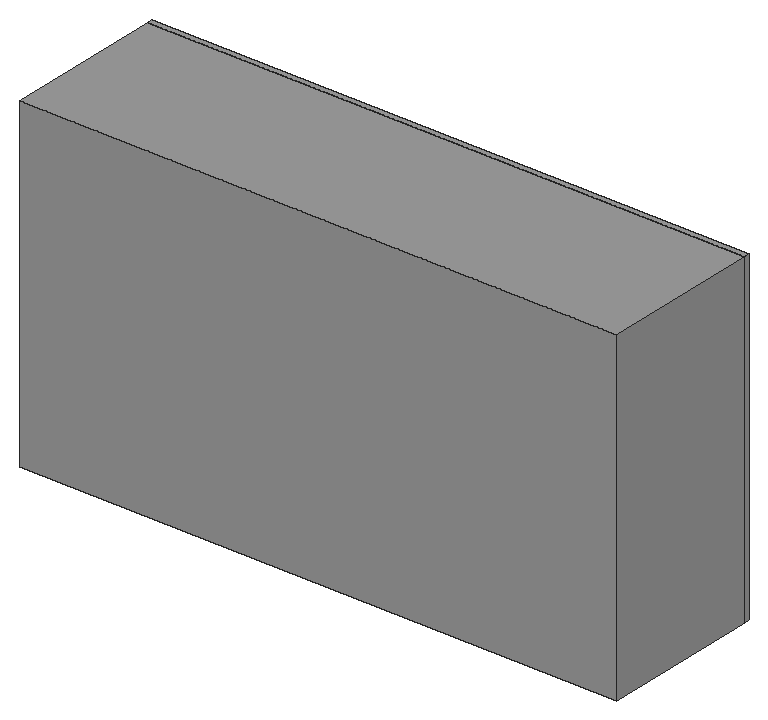
Revit family "Kubus M LED 1-s Sentr (skrått 45 grader opp mot høyre_veggmontasje)", category Lighting Fixtures, Revit 2013
Parameters (values of type "23m")
  Width = 70 mm
  Wattage Comments = "17 W"
  Wattage = 9.2903 W
  built-in parameter 1150110 = 1 (stored number, unit not read)
  Voltage = 230 V
  URL = ""
  built-in parameter 1114217 = 1 (stored number, unit not read)
  Tilt Angle = 90.00°
  built-in parameter 1150109 = 1 (stored number, unit not read)
  built-in parameter 1150134 = 3
  Symbol Positive Direction [instance] = yes
  Symbol Offset Side [instance] = 0 mm
  Symbol Offset Out [instance] = 0 mm
  built-in parameter 1150113 = 1 (stored number, unit not read)
  Reference Line Out [instance] = 50 mm
  Photometric Web File = "20x42A12.ies"
  Number of Poles = 1
  built-in parameter 1150105 = 109.82 (stored number, unit not read)
  Lumens = 1380 lm
  built-in parameter 1150115 = 1 (stored number, unit not read)
  Load Classification [instance] = Other
  Model = ""
  Manufacturer = ""
  built-in parameter 1150137 = (empty or 0)
  built-in parameter 1150139 = (empty or 0)
  Length 1 = Length - 30 mm  # 225 mm
  Length = 255 mm
  built-in parameter 1150112 = 1 (stored number, unit not read)
  built-in parameter 1150114 = 1 (stored number, unit not read)
  Lamp = "1"
  built-in parameter 1150132 = (empty or 0)
  built-in parameter 1150102 = (empty or 0)
  built-in parameter 1150107 = 3200 (stored number, unit not read)
  built-in parameter 1150138 = (empty or 0)
  built-in parameter 1150106 = 1.0982 (stored number, unit not read)
  Height 1 = Height - 30 mm  # 110 mm
  Height = 140 mm
  Emit from Rectangle Width = Height  # 140 mm
  Emit from Rectangle Length = Length  # 255 mm
  Emit Shape Visible in Rendering = no
  built-in parameter 1150104 = 13.8 (stored number, unit not read)
  Dimming Lamp Color Temperature Shift = <None>
  Description = ""
  Color Filter = 16777215
  Body Material and Colour = Default
  built-in parameter 1114218 = 1 (stored number, unit not read)
  built-in parameter 1150133 = 10 (stored number, unit not read)
  Assembly Code = ""
  Apparent Load = 17 VA
  60m = no
  35m = no
  23m = yes
Types (3, lengths in mm): name | Reference Line Out | Length 1 | Length | Height 1 | Height | Emit from Rectangle Width | Emit from Rectangle Length | 60m | 35m | 23m
  23m | 50 | 225 | 255 | 110 | 140 | 140 | 255 | no | no | yes
  35m | 291.501 | 346 | 376 | 170 | 200 | 200 | 376 | no | yes | no
  60m | 50 | 575 | 605 | 285 | 315 | 315 | 605 | yes | no | no
Reference planes
  plane 1 "Light Source Axis (F/B)": y = 119.961
  plane 2 "Top": z = 83
  plane 3 "Light Source Axis (L/R)": x = 0
  plane 4 "Level": z = 0
  plane 5 "Bottom": z = -140
  plane 6: x = -127.5
  plane 7: x = 127.5
  plane 8: y = 187.961
  plane 9: y = 189.961
  plane 10: z = -15
  plane 11: x = -112.5
  plane 12: x = 112.5
  plane 13: z = -70
  plane 14: z = -125
Forms (mm)
  Extrusion 1, solid, material "Default" <- "Body Material and Colour"
    sketch origin (0, 119.961, 0) x (1, 0, 0) y (0, 0, 1)
      loop
        line (-127.5, 0) -> (-127.5, -140) -> (127.5, -140) -> (127.5, 0) -> (-127.5, 0)
    from 0 to -68
  Extrusion 2, solid, material "Default" <- "Body Material and Colour"
    sketch origin (0, 119.961, 0) x (1, 0, 0) y (0, 0, 1)
      loop
        line (-127.5, 0) -> (-127.5, -140) -> (127.5, -140) -> (127.5, 0) -> (-127.5, 0)
      loop
        line (-112.5, -15) -> (-112.5, -125) -> (112.5, -125) -> (112.5, -15) -> (-112.5, -15)
    from -70 to -68
Lines and regions (mm)
  model lines, style "InvisibleLines"
    curve 1: line (0, 119.961, 0) -> (0, 169.961, 0)
Dimensions and locks
  equal spacing: plane 6, plane 3 "Light Source Axis (L/R)", plane 7
  "Length": plane 6 to plane 7
  plane 8 to plane 1 "Light Source Axis (F/B)" = 68 mm
  locked: plane 9 to plane 8 at 2
  equal spacing: plane 4 "Level", plane 13, plane 5 "Bottom"
  "Height": plane 4 "Level" to plane 5 "Bottom"
  equal spacing: plane 11, plane 3 "Light Source Axis (L/R)", plane 12
  "Length 1": plane 11 to plane 12
  equal spacing: plane 10, plane 13, plane 14
  "Height 1": plane 10 to plane 14
  "Width": plane 1 "Light Source Axis (F/B)" to plane 9
  "Reference Line Out": plane 1 "Light Source Axis (F/B)" to curve 1
  aligned and locked: plane 4 "Level" to level
  aligned and locked: plane 8 to nested 2
  aligned and locked: nested 2 to plane 13
  aligned and locked: plane 3 "Light Source Axis (L/R)" to nested 3
  aligned and locked: plane 1 "Light Source Axis (F/B)" to nested 3
  aligned and locked: plane 8 to nested 1
  aligned and locked: plane 4 "Level" to Extrusion 1 sketch curve
  aligned and locked: plane 6 to Extrusion 1 sketch curve
  aligned and locked: plane 5 "Bottom" to Extrusion 1 sketch curve
  aligned and locked: Extrusion 1 sketch curve to plane 7
  aligned and locked: Extrusion 1 to plane 8
  aligned and locked: plane 1 "Light Source Axis (F/B)" to Extrusion 1
  aligned and locked: plane 4 "Level" to Extrusion 2 sketch curve
  aligned and locked: Extrusion 2 sketch curve to plane 7
  aligned and locked: plane 5 "Bottom" to Extrusion 2 sketch curve
  aligned and locked: plane 6 to Extrusion 2 sketch curve
  aligned and locked: Extrusion 2 sketch curve to plane 10
  aligned and locked: plane 11 to Extrusion 2 sketch curve
  aligned and locked: plane 14 to Extrusion 2 sketch curve
  aligned and locked: Extrusion 2 sketch curve to plane 12
  aligned and locked: plane 8 to Extrusion 2
  aligned and locked: Extrusion 2 to plane 9
  aligned and locked: nested 1 to plane 13
  aligned and locked: plane 13 to nested 4
  aligned and locked: plane 3 "Light Source Axis (L/R)" to nested 4
  aligned and locked: plane 8 to nested 4
  aligned and locked: imposter light to plane 9
  aligned and locked: plane 13 to imposter light
  aligned and locked: plane 1 "Light Source Axis (F/B)" to curve 1
  aligned and locked: plane 3 "Light Source Axis (L/R)" to curve 1
Nested families
  nested 1: "23m_skrått 45 grader opp mot høyre" at (0, 187.961, -70), visible <- "23m", type "23m"
  nested 2: "35m_skrått 45 grader opp mot høyre" at (0, 187.961, -70), visible <- "35m", type "35m"
  nested 3: "MarkeringslysS" at (0, 119.961, 0), type "Type 1"
  nested 4: "60m_skrått 45 grader opp mot høyre" at (0, 189.961, -70), visible <- "60m", type "60m"
Connectors
  electrical at (0, 119.961, 0), driven by "Number of Poles", driven by "Load Classification", driven by "Voltage", driven by "Apparent Load"
    settings: index 1, voltage 230 V, apparent load 0 VA, apparent load phase1 17 VA, apparent load phase2 0 VA, apparent load phase3 0 VA, power factor 1, load classification "Other", number of poles 1, system type 31, power factor state 1, is connector primary yes, connector utility no, sub classification motor no, connector description ""
Definition of nested family "23m_skrått 45 grader opp mot høyre"
  Parameters (values of type "23m")
    Material = yes
    L = 205 mm
    H = 135 mm
  Reference planes
    plane 1 "Center (Front/Back)": y = 0
    plane 2: z = 0
    plane 3 "Center (Left/Right)": x = 0
    plane 4: y = -2
  Forms (mm)
    Extrusion 1, solid, material "Green", visible <- "Material"
      sketch origin (453.48, 0, -265.275) x (1, 0, 0) y (0, 0, 1)
        loop
          line (-565.98, 320.275) -> (-565.98, 210.275) -> (-340.98, 210.275) -> (-340.98, 320.275) -> (-565.98, 320.275)
        loop
          line (-535.365, 264.881) -> (-526.172, 255.688) -> (-526.172, 277.137) -> (-480.8, 231.765) -> (-471.607, 240.957) -> (-516.98, 286.33) -> (-495.531, 286.33) -> (-504.723, 295.522) -> (-535.365, 295.522) -> (-535.365, 264.881)
        loop
          circle (-432.193, 303.483) r 7
        loop
          line (-426.459, 291.17) -> (-430.11, 287.519) -> (-426.017, 280.43) -> (-437.639, 270.677)
          arc (-437.639, 270.677) -> (-438.324, 269.361) -> (-437.878, 267.946) r 1.939
          line (-437.878, 267.946) -> (-436.216, 265.965)
          arc (-436.216, 265.965) -> (-434.9, 265.28) -> (-433.485, 265.726) r 1.939
          line (-433.485, 265.726) -> (-422.735, 274.746) -> (-417.813, 266.22) -> (-429.103, 256.746) -> (-429.103, 225.892)
          arc (-429.103, 225.892) -> (-428.157, 223.607) -> (-425.872, 222.661) r 3.232
          line (-425.872, 222.661) -> (-422.64, 222.661)
          arc (-422.64, 222.661) -> (-420.355, 223.607) -> (-419.409, 225.892) r 3.232
          line (-419.409, 225.892) -> (-419.409, 252.226) -> (-412.891, 257.695) -> (-407.727, 248.752) -> (-374.165, 248.752)
          arc (-374.165, 248.752) -> (-371.88, 249.699) -> (-370.934, 251.984) r 3.232
          line (-370.934, 251.984) -> (-370.934, 255.215)
          arc (-370.934, 255.215) -> (-371.88, 257.5) -> (-374.165, 258.447) r 3.232
          line (-374.165, 258.447) -> (-390.935, 258.447) -> (-407.211, 286.638) -> (-390.394, 283.363) -> (-384.337, 272.872)
          arc (-384.337, 272.872) -> (-383.11, 271.956) -> (-381.602, 272.215) r 1.939
          line (-381.602, 272.215) -> (-379.363, 273.669)
          arc (-379.363, 273.669) -> (-378.522, 274.892) -> (-378.792, 276.351) r 1.939
          line (-378.792, 276.351) -> (-387.221, 289.33) -> (-420.848, 295.878) -> (-426.459, 291.17)
      from 0 to 2
  Dimensions and locks
    Extrusion 1 sketch curve to plane 3 "Center (Left/Right)" to Extrusion 1 sketch curve = 112.5 mm, 112.5 mm
    aligned and locked: level to plane 2
Definition of nested family "35m_skrått 45 grader opp mot høyre"
  Parameters (values of type "35m")
    Material = yes
    L = 425.577 mm
    H = 260 mm
  Reference planes
    plane 1 "Center (Front/Back)": y = 0
    plane 2: z = 0
    plane 3 "Center (Left/Right)": x = 0
    plane 4: y = -2
  Forms (mm)
    Extrusion 1, solid, material "Green", visible <- "Material"
      sketch origin (0, 0, 0) x (1, 0, 0) y (0, 0, 1)
        loop
          line (-173, 85) -> (-173, -85) -> (173, -85) -> (173, 85) -> (-173, 85)
        loop
          line (-78.977, 50.103) -> (-138.113, 50.103) -> (-138.113, -9.033) -> (-120.561, -26.585) -> (-120.561, 15.061) -> (-46.652, -58.847) -> (-28.974, -41.17) -> (-102.695, 32.551) -> (-61.425, 32.551) -> (-78.977, 50.103)
        loop
          circle (41.697, 48.678) r 8.988
        loop
          line (49.059, 32.868) -> (44.372, 28.181) -> (49.627, 19.078) -> (34.704, 6.556)
          arc (34.704, 6.556) -> (33.824, 4.865) -> (34.397, 3.048) r 2.49
          line (34.397, 3.048) -> (36.531, 0.505)
          arc (36.531, 0.505) -> (38.221, -0.375) -> (40.038, 0.198) r 2.49
          line (40.038, 0.198) -> (53.841, 11.78) -> (60.161, 0.833) -> (45.664, -11.332) -> (45.664, -50.949)
          arc (45.664, -50.949) -> (46.879, -53.883) -> (49.813, -55.098) r 4.149
          line (49.813, -55.098) -> (53.963, -55.098)
          arc (53.963, -55.098) -> (56.897, -53.883) -> (58.112, -50.949) r 4.149
          line (58.112, -50.949) -> (58.112, -17.137) -> (66.481, -10.114) -> (73.111, -21.597) -> (116.205, -21.597)
          arc (116.205, -21.597) -> (119.139, -20.381) -> (120.355, -17.447) r 4.149
          line (120.355, -17.447) -> (120.355, -13.298)
          arc (120.355, -13.298) -> (119.139, -10.364) -> (116.205, -9.148) r 4.149
          line (116.205, -9.148) -> (94.672, -9.148) -> (73.774, 27.049) -> (95.367, 22.844) -> (103.145, 9.373)
          arc (103.145, 9.373) -> (104.72, 8.197) -> (106.657, 8.53) r 2.49
          line (106.657, 8.53) -> (109.532, 10.397)
          arc (109.532, 10.397) -> (110.611, 11.967) -> (110.264, 13.841) r 2.49
          line (110.264, 13.841) -> (99.442, 30.506) -> (56.264, 38.913) -> (49.059, 32.868)
      from 0 to 2
  Dimensions and locks
    aligned and locked: level to plane 2
    aligned and locked: plane 4 to Extrusion 1
    aligned and locked: Extrusion 1 to plane 1 "Center (Front/Back)"
    aligned and locked: Extrusion 1 to plane 4
Definition of nested family "60m_skrått 45 grader opp mot høyre"
  Parameters (values of type "60m")
    Material = yes
    L = 425.577 mm
    H = 260 mm
  Reference planes
    plane 1 "Center (Front/Back)": y = 0
    plane 2: z = 0
    plane 3 "Center (Left/Right)": x = 0
    plane 4: y = -2
  Forms (mm)
    Extrusion 1, solid, material "Green", visible <- "Material"
      sketch origin (0, 0, 0) x (1, 0, 0) y (0, 0, 1)
        loop
          line (-287.5, 142.5) -> (-287.5, -142.5) -> (287.5, -142.5) -> (287.5, 142.5) -> (-287.5, 142.5)
        loop
          line (-221.325, -13.98) -> (-192.452, -42.853) -> (-192.452, 24.517) -> (-72.148, -95.787) -> (-43.275, -66.914) -> (-163.579, 53.39) -> (-96.209, 53.39) -> (-125.082, 82.263) -> (-221.325, 82.263) -> (-221.325, -13.98)
        loop
          circle (89.224, 88.058) r 17.538
        loop
          line (103.589, 57.208) -> (94.443, 48.062) -> (104.697, 30.3) -> (75.578, 5.866)
          arc (75.578, 5.866) -> (73.861, 2.568) -> (74.979, -0.978) r 4.858
          line (74.979, -0.978) -> (79.143, -5.94)
          arc (79.143, -5.94) -> (82.441, -7.657) -> (85.987, -6.539) r 4.858
          line (85.987, -6.539) -> (112.919, 16.06) -> (125.251, -5.3) -> (96.964, -29.037) -> (96.964, -106.339)
          arc (96.964, -106.339) -> (99.335, -112.064) -> (105.06, -114.436) r 8.097
          line (105.06, -114.436) -> (113.157, -114.436)
          arc (113.157, -114.436) -> (118.882, -112.064) -> (121.254, -106.339) r 8.097
          line (121.254, -106.339) -> (121.254, -40.363) -> (137.584, -26.66) -> (150.52, -49.066) -> (234.607, -49.066)
          arc (234.607, -49.066) -> (240.332, -46.695) -> (242.704, -40.969) r 8.097
          line (242.704, -40.969) -> (242.704, -32.873)
          arc (242.704, -32.873) -> (240.332, -27.148) -> (234.607, -24.776) r 8.097
          line (234.607, -24.776) -> (192.591, -24.776) -> (151.813, 45.854) -> (193.947, 37.65) -> (209.123, 11.364)
          arc (209.123, 11.364) -> (212.196, 9.069) -> (215.976, 9.718) r 4.858
          line (215.976, 9.718) -> (221.586, 13.362)
          arc (221.586, 13.362) -> (223.692, 16.426) -> (223.014, 20.082) r 4.858
          line (223.014, 20.082) -> (201.898, 52.599) -> (117.647, 69.004) -> (103.589, 57.208)
      from 0 to 2
  Dimensions and locks
    aligned and locked: level to plane 2
    aligned and locked: Extrusion 1 to plane 4  (x2)
    aligned and locked: Extrusion 1 to plane 1 "Center (Front/Back)"
Definition of nested family "MarkeringslysS"
  Parameters (values of type "Type 1")
    CQ Symbol Positive Direction = yes
    CQ Symbol Negative Direction = not(CQ Symbol Positive Direction)  # no
    CQ Symbol Offset Side = 0 mm
    CQ Symbol Offset Out = 0 mm
  Reference planes
    plane 1: y = 0
    plane 2: x = 0
  Dimensions and locks
    "CQ Symbol Offset Out": plane 1 to nested 1
    "CQ Symbol Offset Out": plane 1 to nested 2
    "CQ Symbol Offset Side": plane 2 to nested 2
    "CQ Symbol Offset Side": nested 1 to plane 2
  Nested families
    nested 1: "LedelysSub" at (0, 0, 0), visible <- "CQ Symbol Negative Direction", type "Type 1"
    nested 2: "LedelysSub" at (0, 0, 0), visible <- "CQ Symbol Positive Direction", type "Type 1"
  Definition of nested family "LedelysSub"
    Reference planes
      plane 1: y = 0
      plane 2: x = 0
    Lines and regions (mm)
      Filled region 1, type "Filled region 1"
        outline origin (64.576, 53.459, 0) x (1, 0, 0) y (0, 1, 0)
          loop
            arc (-65.575, -52.307) -> (-65.224, -51.459) -> (-65.575, -50.61) r 1.2
            line (-65.575, -50.61) -> (-66.424, -51.459) -> (-65.575, -52.307)
      Filled region 2, type "Filled region 1"
        outline origin (-68.271, 53.459, 0) x (0, 1, 0) y (-1, 0, 0)
          loop
            line (-52.307, -65.575) -> (-51.459, -66.424) -> (-50.61, -65.575)
            arc (-50.61, -65.575) -> (-51.459, -65.224) -> (-52.307, -65.575) r 1.2
      detail lines
        curve 1: line (-4, 0, 0) -> (4, 0, 0)
        curve 2: line (4, 0, 0) -> (4, 4, 0)
        curve 3: line (4, 4, 0) -> (-4, 4, 0)
        curve 4: line (-4, 4, 0) -> (-4, 0, 0)
        curve 5: line (-3.097, 0.75, 0) -> (-0.597, 3.25, 0)
        curve 6: line (-3.097, 3.25, 0) -> (-0.597, 0.75, 0)
        curve 7: circle (-1.847, 2, 0) r 1.2 normal (0, 0, 1)
    Text (mm)
      text "ML" at (2.179, 3.025, 0)
    Dimensions and locks
      aligned and locked: Filled region 1 sketch curve to curve 7
